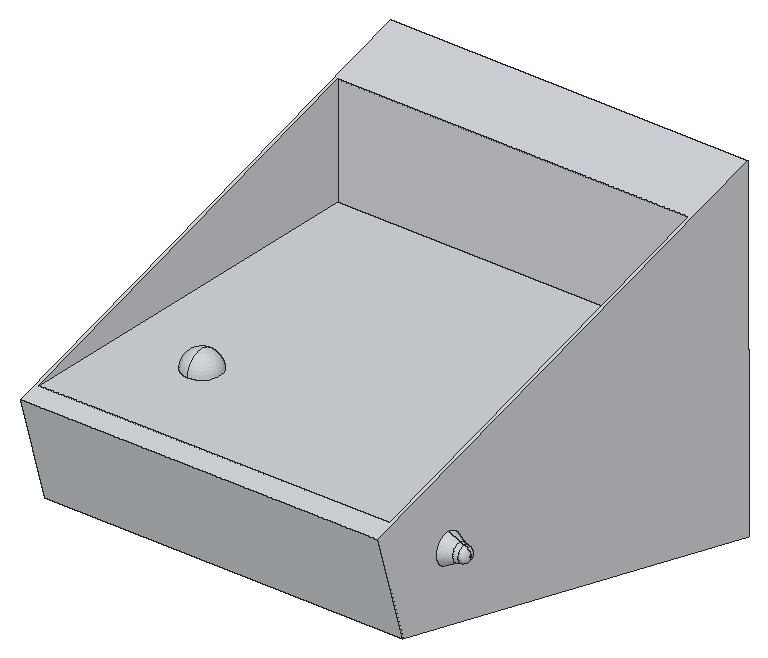
Revit family "Drinking_Fountain-Willoughby-WBDF-1519-HC", category Plumbing Fixtures, Revit 2015
Parameters
  URL = "https://www.willoughby-ind.com/wp-content/uploads/2018/01/WBDF-1519-HC.pdf"
  Revision = "A"
  Model = "WBDF-1519-HC"
  Manufacturer = "Willoughby Industries"
  Description = "Ligature-resistant Rear Mounted Stainless Steel Behavioral Drinking Fountian"
  Contact = "(800) 428-4065"
Reference planes (in)
  plane 1 "Center (Front/Back)": y = 0
  plane 2: z = 0
  plane 3 "Center (Left/Right)": x = 0
  plane 4 "bubbler": x = -3.875
Forms (in)
  Extrusion 1, solid
    sketch origin (0, 0, 0) x (0, -1, 0) y (0, 0, -1)
      loop
        line (0, -25.0625) -> (0, -39.1875) -> (19.38668, -33.45253) -> (18.125, -29.1875) -> (0, -25.0625)
    from -7.5 to 7.5
  Extrusion 2, void
    sketch origin (0, 0, 0) x (0, 1, 0) y (0, 0, 1)
      loop
        line (-2.9375, 33.6875) -> (-2.9375, 41.6875) -> (-20.9375, 41.6875) -> (-20.9375, 33.6875) -> (-2.9375, 33.6875)
    from -7.34375 to 7.34375
  Extrusion 3, solid
    sketch origin (0, 0, 2.875) x (1, 0, 0) y (0, 0, 1)
      loop
        circle (0, 27.4375) r 0.75
    from -0.25 to 0
  Extrusion 4, solid
    sketch origin (0, 0, 2.875) x (1, 0, 0) y (0, 0, 1)
      loop
        circle (2.75, 27.4375) r 0.25
    from -0.25 to 0
  Revolve 5, solid
    sketch origin (-3.875, 0, 0) x (0, -1, 0) y (0, 0, 1)
      loop
        arc (15.15489, 33.6875) -> (14.93522, 34.21783) -> (14.40489, 34.4375) r 0.75
        line (14.40489, 34.4375) -> (14.40489, 33.6875) -> (15.15489, 33.6875)
      axis (14.40489, 33.6875) -> (14.40489, 34.4375)
    angle from 0 to 360
  Revolve 6, solid
    sketch origin (0, -15.75, 0) x (1, 0, 0) y (0, 0, 1)
      loop
        line (7.5, 31.5625) -> (7.5, 30.9375) -> (8, 31.1875) -> (8.1875, 31.25)
        arc (8.1875, 31.25) -> (8.36428, 31.32322) -> (8.4375, 31.5) r 0.25
        line (8.4375, 31.5) -> (8.4375, 31.5625) -> (7.5, 31.5625)
      axis (8.4375, 31.5625) -> (7.5, 31.5625)
    angle from 0 to 360
Cuts and joins
  Extrusion 2 cuts Extrusion 1
Dimensions and locks (in)
  aligned and locked: level to plane 2
  aligned and locked: Revolve 6 sketch curve to Revolve 6 sketch curve  (x2)
